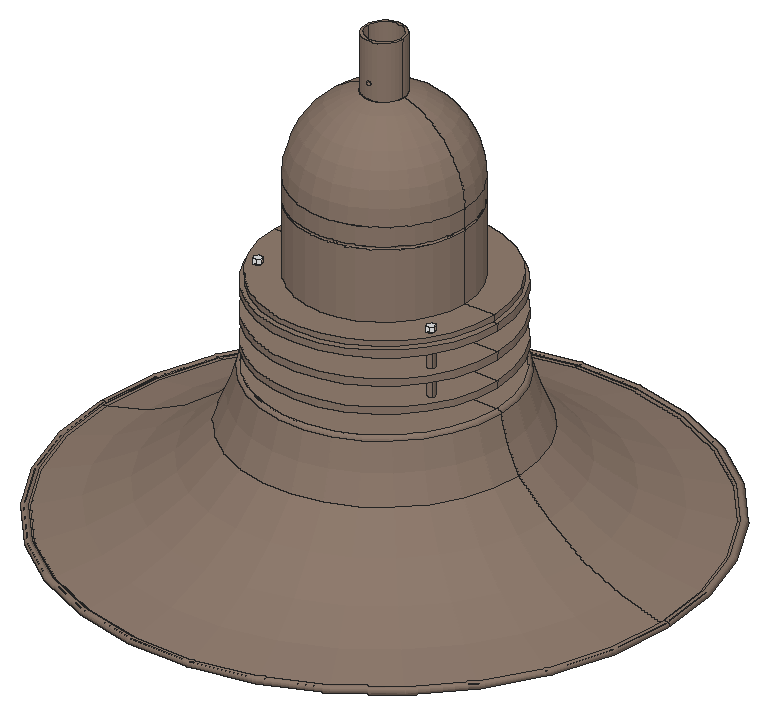
Revit family "BVF3007-H", category Generic Models, Revit 2014
Parameters
  GLASS = Glass
  FINS = Bronze, Architectural
  DETAIL 2 = Aluminum 6061-O
  DETAIL = Bronze, Architectural
  BELL = Bronze, Architectural
Reference planes (in)
  plane 1 "Center (Front/Back)": y = 0
  plane 2: z = 0
  plane 3 "Center (Left/Right)": x = 0
Forms (in)
  Revolve 1, solid, material "Bronze, Architectural" <- "BELL"
    sketch origin (-0.00301, 0, 0.19554) x (1, 0, 0) y (0, 0, 1)
      loop
        line (-0.69, 20.24004) -> (-1.0625, 20.24004)
        arc (-1.0625, 20.24004) -> (-3.35992, 18.72758) -> (-4.25, 16.125) r 4.25
        line (-4.25, 16.125) -> (-4.25, 15.1875)
        arc (-4.25, 15.1875) -> (-4.21143, 15.125) -> (-4.25, 15.0625) r 0.06992
        line (-4.25, 15.0625) -> (-4.25, 11.625) -> (-5.8125, 11.625) -> (-5.8125, 11.375) -> (-4.125, 11.375) -> (-4.125, 15.0086)
        arc (-4.125, 15.0086) -> (-4.08643, 15.125) -> (-4.125, 15.2414) r 0.19492
        line (-4.125, 15.2414) -> (-4.125, 16.125)
        arc (-4.125, 16.125) -> (-3.26592, 18.6448) -> (-1.0465, 20.11504) r 4.125
        line (-1.0465, 20.11504) -> (-0.69, 20.11504) -> (-0.69, 20.24004)
      axis (0, 20.24004) -> (0, 11.375)
    angle from 0 to 360
  Revolve 2, solid, material "Glass" <- "GLASS"
    sketch origin (-0.00301, 0, 0.19554) x (1, 0, 0) y (0, 0, 1)
      loop
        line (-4.02812, 7.125) -> (-3.90312, 7.125) -> (-3.90312, 11.625) -> (-4.125, 11.625) -> (-4.125, 11.375) -> (-4.02812, 11.375) -> (-4.02812, 7.125)
      axis (0, 11.625) -> (0, 7.125)
    angle from 0 to 360
  Revolve 3, solid, material "Bronze, Architectural" <- "FINS"
    sketch origin (-0.00301, 0, 0.19554) x (1, 0, 0) y (0, 0, 1)
      loop
        line (-6, 11.28125) -> (-6, 10.9375) -> (-4.02812, 10.9375) -> (-4.02812, 11.28125) -> (-6, 11.28125)
      loop
        line (-6, 9.9375) -> (-6, 9.59375) -> (-4.02812, 9.59375) -> (-4.02812, 9.9375) -> (-6, 9.9375)
      loop
        line (-6, 8.59375) -> (-6, 8.25) -> (-4.02812, 8.25) -> (-4.02812, 8.59375) -> (-6, 8.59375)
      axis (0, 11.28125) -> (0, 8.25)
    angle from 0 to 360
  Revolve 4, solid, material "Bronze, Architectural" <- "DETAIL"
    sketch origin (-0.00301, 0, 0.19554) x (0.866025, 0.5, 0) y (0, 0, 1)
      loop
        line (-5.28051, 11.625) -> (-5.46801, 11.625) -> (-5.46801, 8.25) -> (-5.28051, 8.25) -> (-5.28051, 11.625)
      axis (-5.28051, 11.625) -> (-5.28051, 8.25)
    angle from 0 to 360
  Extrusion 5, solid, material "Aluminum 6061-O" <- "DETAIL 2"
    sketch origin (-0.00301, 0, 0.19554) x (0.866025, 0.5, 0) y (-0.5, 0.866025, 0)
      loop
        line (-5.09301, 0.10825) -> (-5.28051, 0.21651) -> (-5.46801, 0.10825) -> (-5.46801, -0.10825) -> (-5.28051, -0.21651) -> (-5.09301, -0.10825) -> (-5.09301, 0.10825)
    from 11.625 to 11.875
  Extrusion 6, solid, material "Aluminum 6061-O" <- "DETAIL 2"
    sketch origin (-0.00301, 0, 0.19554) x (0.866025, 0.5, 0) y (-0.5, 0.866025, 0)
      loop
        line (-5.09301, 0.10825) -> (-5.28051, 0.21651) -> (-5.46801, 0.10825) -> (-5.46801, -0.10825) -> (-5.28051, -0.21651) -> (-5.09301, -0.10825) -> (-5.09301, 0.10825)
    from 8.01314 to 8.25
  Revolve 7, solid, material "Bronze, Architectural" <- "DETAIL"
    sketch origin (-0.00301, 0, 0.19554) x (0, -1, 0) y (0, 0, 1)
      loop
        line (-5.28051, 11.625) -> (-5.46801, 11.625) -> (-5.46801, 8.25) -> (-5.28051, 8.25) -> (-5.28051, 11.625)
      axis (-5.28051, 11.625) -> (-5.28051, 8.25)
    angle from 0 to 360
  Extrusion 8, solid, material "Aluminum 6061-O" <- "DETAIL 2"
    sketch origin (-0.00301, 0, 0.19554) x (0, -1, 0) y (1, 0, 0)
      loop
        line (-5.09301, 0.10825) -> (-5.28051, 0.21651) -> (-5.46801, 0.10825) -> (-5.46801, -0.10825) -> (-5.28051, -0.21651) -> (-5.09301, -0.10825) -> (-5.09301, 0.10825)
    from 11.625 to 11.875
  Extrusion 9, solid, material "Aluminum 6061-O" <- "DETAIL 2"
    sketch origin (-0.00301, 0, 0.19554) x (0, -1, 0) y (1, 0, 0)
      loop
        line (-5.09301, 0.10825) -> (-5.28051, 0.21651) -> (-5.46801, 0.10825) -> (-5.46801, -0.10825) -> (-5.28051, -0.21651) -> (-5.09301, -0.10825) -> (-5.09301, 0.10825)
    from 8.01314 to 8.25
  Revolve 10, solid, material "Bronze, Architectural" <- "DETAIL"
    sketch origin (-0.00301, 0, 0.19554) x (-0.866025, 0.5, 0) y (0, 0, 1)
      loop
        line (-5.28051, 11.625) -> (-5.46801, 11.625) -> (-5.46801, 8.25) -> (-5.28051, 8.25) -> (-5.28051, 11.625)
      axis (-5.28051, 11.625) -> (-5.28051, 8.25)
    angle from 0 to 360
  Extrusion 11, solid, material "Aluminum 6061-O" <- "DETAIL 2"
    sketch origin (-0.00301, 0, 0.19554) x (-0.866025, 0.5, 0) y (-0.5, -0.866025, 0)
      loop
        line (-5.09301, 0.10825) -> (-5.28051, 0.21651) -> (-5.46801, 0.10825) -> (-5.46801, -0.10825) -> (-5.28051, -0.21651) -> (-5.09301, -0.10825) -> (-5.09301, 0.10825)
    from 11.625 to 11.875
  Extrusion 12, solid, material "Aluminum 6061-O" <- "DETAIL 2"
    sketch origin (-0.00301, 0, 0.19554) x (-0.866025, 0.5, 0) y (-0.5, -0.866025, 0)
      loop
        line (-5.09301, 0.10825) -> (-5.28051, 0.21651) -> (-5.46801, 0.10825) -> (-5.46801, -0.10825) -> (-5.28051, -0.21651) -> (-5.09301, -0.10825) -> (-5.09301, 0.10825)
    from 8.01314 to 8.25
  Revolve 13, solid, material "Bronze, Architectural" <- "BELL"
    sketch origin (-0.00301, 0, 0.19554) x (1, 0, 0) y (0, 0, 1)
      loop
        line (-1, 22.99004) -> (-1, 20.24004) -> (-0.875, 20.24004) -> (-0.875, 22.99004) -> (-1, 22.99004)
      axis (0, 22.99004) -> (0, 20.24004)
    angle from 0 to 360
  Extrusion 14, void
    sketch origin (-0.00301, 0, 0.19554) x (1, 0, 0) y (0, 0, 1)
      loop
        circle (0, 20.99004) r 0.12446
    from -1.03363 to 1.03523
  Revolve 15, solid, material "Bronze, Architectural" <- "BELL"
    sketch origin (-0.00474, 0, 0.195) x (1, 0, 0) y (0, 0, 1)
      loop
        arc (-5.96003, 7.25) -> (-6.08927, 7.19834) -> (-6.1473, 7.07183) r 0.1875
        arc (-6.1473, 7.07183) -> (-6.52869, 5.73864) -> (-7.10572, 4.47774) r 9.2194
        arc (-7.10572, 4.47774) -> (-10.47715, 1.64986) -> (-14.61725, 0.15885) r 12.55661
        arc (-14.61725, 0.15885) -> (-14.74655, 0.12051) -> (-14.88142, 0.11909) r 0.48713
        arc (-14.88142, 0.11909) -> (-14.90635, 0.17202) -> (-14.84784, 0.1724) r 0.03472
        line (-14.84784, 0.1724) -> (-14.74294, 0.24038)
        arc (-14.74294, 0.24038) -> (-15.01212, 0.23864) -> (-14.89742, -0.00488) r 0.15972
        arc (-14.89742, -0.00488) -> (-14.73639, -0.00431) -> (-14.58109, 0.03824) r 0.61213
        arc (-14.58109, 0.03824) -> (-10.403, 1.54832) -> (-7.00212, 4.40677) r 12.68161
        arc (-7.00212, 4.40677) -> (-6.4114, 5.69541) -> (-6.02241, 7.05858) r 9.3444
        arc (-6.02241, 7.05858) -> (-6.00559, 7.10529) -> (-5.96003, 7.125) r 0.0625
        line (-5.96003, 7.125) -> (-4.11509, 7.125) -> (-4.11509, 7.25) -> (-5.96003, 7.25)
      axis (0, 7.25) -> (0, -0.00488)
    angle from 0 to 360
  Revolve 16, solid, material "Glass" <- "GLASS"
    sketch origin (-0.00474, 0, 0.195) x (1, 0, 0) y (0, 0, 1)
      loop
        line (-8.36459, 0.18) -> (-8.36459, 0.055) -> (0, 0.055) -> (0, 0.18) -> (-8.36459, 0.18)
      axis (0, 0.18) -> (0, 0.055)
    angle from 0 to 360
  Revolve 17, solid, material "Bronze, Architectural" <- "BELL"
    sketch origin (-0.00474, 0, 0.195) x (1, 0, 0) y (0, 0, 1)
      loop
        line (-8.49009, 0.4925) -> (-9.67759, 0.4925) -> (-9.67759, 0.1175) -> (-8.61509, 0.1175) -> (-8.61509, -0.195) -> (-7.99009, -0.195) -> (-7.99009, 0.055) -> (-8.49009, 0.055) -> (-8.49009, 0.4925)
      axis (0, 0.4925) -> (0, -0.195)
    angle from 0 to 360
  Revolve 18, solid, material "Bronze, Architectural" <- "BELL"
    sketch origin (-0.00474, 0, 0.195) x (1, 0, 0) y (0, 0, 1)
      loop
        line (-9.74007, 0.68) -> (-7.99009, 0.68) -> (-7.99009, 0.75) -> (-9.80046, 0.75) -> (-9.88152, 0.2903)
        arc (-9.88152, 0.2903) -> (-9.92426, 0.21645) -> (-10.00453, 0.1875) r 0.12441
        line (-10.00453, 0.1875) -> (-14.00318, 0.1875) -> (-14.29087, 0.1175) -> (-10.00453, 0.1175)
        arc (-10.00453, 0.1175) -> (-9.87949, 0.16287) -> (-9.81263, 0.27787) r 0.195
        line (-9.81263, 0.27787) -> (-9.74007, 0.68)
      axis (0, 0.75) -> (0, 0.1175)
    angle from 0 to 360
Cuts and joins
  Extrusion 14 cuts Revolve 13
Lines and regions (in)
  model lines
    curve 1: line (-5.09601, 0, 11.13304) -> (-5.47101, 0, 11.13304)
Dimensions and locks (in)
  aligned and locked: plane 2 to level
